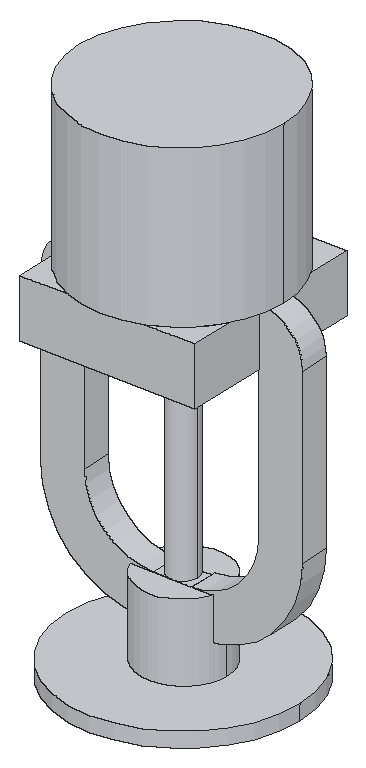
Revit family
Parameters (values of type "RASCO F1FR56-300 PENDENT")
  Temperature Rating = 135 °F
  Response = 1
  RASCO SIN # = "RA2614"
  RASCO Part # = "F1FR56P0B3"
  Pressure Rating = "300 PSI"
  Pressure Class = 1
  Orifice Size = 1/2"
  Orifice = (empty or 0)
  Model = "F1FR56-300"
  Manufacturer = "RASCO"
  K-Factor = 5.6
  Description = "BRZ. FINISH"
  Coverage = (empty or 0)
Reference planes (in)
  plane 1 "Center (Front/Back)": y = 0
  plane 2: z = 0
  plane 3 "Center (Left/Right)": x = 0
Dimensions and locks (in)
  aligned and locked: plane 2 to level
Nested families (in)
  nested 1: "F1FR56P0B3" at (-0.0113, 0, 2.4375) x (-1, 0, 0) z (0, 0, -1), type "RASCO F1FR56-300 PENDENT"
Connectors (in)
  piping at (-0.0113, 0, 2.4375)
    settings: on nested 1, index 1, connector radius 115/256", flow factor 0, pipe flow 0 GPM, pressure drop 0.00 psi, fitting loss kfactor 0, connector angle 0.00°, fixture units 0, flow configuration 0, flow direction 0, fitting loss method 0, system type 7, connector reference index -1, connector utility 0, adjustable connector no, is connector primary yes, fitting loss table "", connector description ""
Definition of nested family "F1FR56P0B3"
  Parameters (values of type "RASCO F1FR56-300 PENDENT")
    Type Comments = ""
    Temperature Rating = 0 °F
    Response = (empty or 0)
    Pressure Rating = "0"
    Pressure Class = (empty or 0)
    Orifice Size = 0"
    Orifice = (empty or 0)
    Model = ""
    Manufacturer = ""
    K-Factor = 0
    Description = ""
    Coverage = (empty or 0)
    Assembly Code = ""
  Reference planes (in)
    plane 1 "Center (Front/Back)": y = 0
    plane 2: z = 0
    plane 3 "ref.2": z = 0.6875
    plane 4 "ref.3": z = 0.9375
    plane 5: x = -0.38065
    plane 6: x = 0.36935
    plane 7 "ref. side 1": y = 0.06402
    plane 8 "ref. side 2": y = -0.06098
    plane 9 "ref.4": z = 1.875
    plane 10 "ref.5": z = 2.3125
    plane 11 "ref.6": z = 2.4375
  Forms (in)
    Extrusion 1, solid
      sketch origin (0, 0, 0) x (1, 0, 0) y (0, 1, 0)
        loop
          circle (0, 0) r 0.4379
      from 0 to 0.6875
    Extrusion 2, solid
      sketch origin (-0.12185, 0.05177, 0.6875) x (1, 0, 0) y (0, 1, 0)
        loop
          line (-0.2588, 0.356) -> (-0.2588, -0.4565) -> (0.4912, -0.4565) -> (0.4912, 0.356) -> (-0.2588, 0.356)
      from 0 to 0.25
    Extrusion 3, solid
      sketch origin (0, 0, 0) x (1, 0, 0) y (0, 0, 1)
        loop
          line (-0.38065, 0.68754) -> (-0.38065, 1.58397)
          arc (-0.38065, 1.58397) -> (-0.29541, 1.78976) -> (-0.08962, 1.875) r 0.29103
          line (-0.08962, 1.875) -> (0.07524, 1.875)
          arc (0.07524, 1.875) -> (0.28321, 1.78886) -> (0.36935, 1.58089) r 0.29411
          line (0.36935, 1.58089) -> (0.36935, 0.68751)
          arc (0.36935, 0.68751) -> (0.50207, 0.74393) -> (0.55685, 0.87734) r 0.18984
          line (0.55685, 0.87734) -> (0.55685, 1.61676)
          arc (0.55685, 1.61676) -> (0.42629, 1.93194) -> (0.11111, 2.0625) r 0.44574
          line (0.11111, 2.0625) -> (-0.12259, 2.0625)
          arc (-0.12259, 2.0625) -> (-0.43765, 1.932) -> (-0.56815, 1.61694) r 0.44556
          line (-0.56815, 1.61694) -> (-0.56815, 0.87876)
          arc (-0.56815, 0.87876) -> (-0.51345, 0.74486) -> (-0.38065, 0.68754) r 0.19126
      from -0.06402 to 0.06098
    Extrusion 4, solid
      sketch origin (0, 0, 0.9375) x (-1, 0, 0) y (0, -1, 0)
        loop
          circle (0.00574, -0.00152) r 0.0625
      from 0 to 0.9375
    Extrusion 5, solid
      sketch origin (0, 0, 1.875) x (-1, 0, 0) y (0, -1, 0)
        loop
          circle (0.00574, -0.00152) r 0.1875
      from 0 to 0.4375
    Extrusion 6, solid
      sketch origin (0, 0, 2.3125) x (0, -1, 0) y (1, 0, 0)
        loop
          circle (-0.00152, -0.00574) r 0.5
      from -0.10531 to -0.03987
  Cuts and joins
    joined: Extrusion 1, Extrusion 2, Extrusion 4
  Lines and regions (in)
    model lines
      curve 1: line (-0.00574, 0.06402, 1.875) -> (-0.00574, -0.06098, 1.875)
